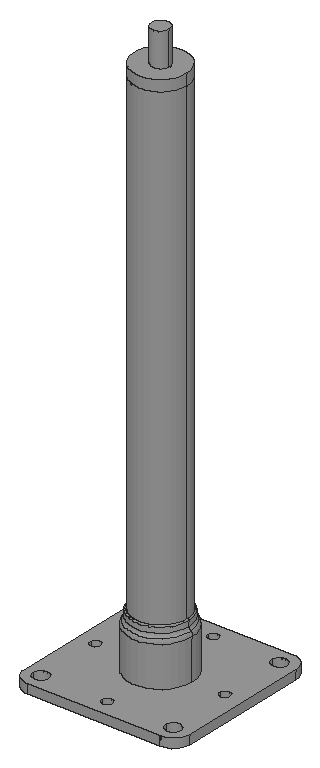
Revit family "ROTHOB_Rothoblaas_FallProtection_TowerA2", category Specialty Equipment, host Face, Revit 2022
Family settings
  Host = Face
  Round Connector Dimension = Use Diameter
  Part Type = Normal
  OmniClass Number = 23.27.71.21
  Cut with Voids When Loaded = No
  Maintain Annotation Orientation = No
  Shared = No
  Room Calculation Point = No
Parameters (values of type "150x500x150mm")
  WarrantyGuarantorParts = "n/a"
  WarrantyGuarantorLabor = "n/a"
  WarrantyDurationUnit = "n/a"
  WarrantyDurationParts = "n/a"
  WarrantyDurationLabor = "n/a"
  WarrantyDescription = "n/a"
  Version = "003"  # constant formula
  UniClass2015Version = "Products v1.38"  # constant formula
  UniClass2015Title = "Safety access anchor devices"  # constant formula
  UniClass2015Code = "Pr_40_70_75_75"  # constant formula
  Tipo IFC predefinito = "USERDEFINED"
  Thickness = 8.15 mm  # constant formula
  SustainabilityPerformance = "n/a"  # constant formula
  Size = "150x500x150 mm"
  Shape = "Three-dimensional"  # constant formula
  Revision = "001"  # constant formula
  ReplacementCost = "n/a"
  ReferenceStandard = "with PATROL: EN 795:2012 C | CEN/TS 16415:2013 | UNI 11578:2015 C | AS/NZS 1891.2:2001 | AS/NZS 1891.4:2009 | CSA Z259.16 // with H-RAIL: EN 795:2012 D | CEN/TS 16415:2013 | UNI 11578:2015 D | AS/NZS 1891.2:2001 | AS/NZS 1891.4:2009 | BS 8610:2017 D1-D2-D3-D5 // with AOS01: EN 795:2012 A | CEN/TS 16415:2013 | UNI 11578:2015 A | AS/NZS 5532:2013 | AS/NZS 1891.4:2009"  # constant formula
  GTIN = "8054247475345"
  Default Elevation = 1219.20 mm
  ProductInformation = "https://www.rothoblaas.com/products/fall-protection-system/anchor-lines/components/tower-a2"
  OmniClassVersion = "2012-05-16"  # constant formula
  OmniClassTitle = "Fall Arrest Systems"  # constant formula
  OmniClassCode = "23-27 71 21"  # constant formula
  ObjectMaterial = ROTHOB_Rothoblaas_StainlessSteelAISI304
  NominalWidth = Width_B  # 150.00 mm
  NominalLength = Length_L  # 150.00 mm
  NominalHeight = Height_H  # 500.00 mm
  ModelNumberCode = 500
  Length_L = 150.00 mm  # constant formula
  Height_H = if(ModelNumberCode = 300, 300.00 mm, if(ModelNumberCode = 400, 400.00 mm, if(ModelNumberCode = 500, 500.00 mm, 0.00 mm)))  # 500.00 mm
  Name = "Support for fall protection systems"  # constant formula
  ModelReference = "n/a"  # constant formula
  ModelNumber = "TOWERA2500"
  ModelDisclaimer = "The latest version of the data sheets can be found on our website"  # constant formula
  MinWeight = "3.167 kg"
  Material = "AISI 304 stainless steel grade 1.4301"  # constant formula
  ManufacturerURL = "www.rothoblaas.com"
  ManufacturerName = "ROTHO BLAAS SRL"  # constant formula
  Manufacturer = "info@rothoblaas.com"
  Manufacturer_x = "info@rothoblaas.com"
  IfcExportType = "USERDEFINED"
  IfcExportAs = "IfcBuildingElementProxyType"
  Width_B = 150.00 mm  # constant formula
  Grade = "n/a"  # constant formula
  Finish = "n/a"  # constant formula
  Features = "Horizontal lifeline and anchor points"  # constant formula
  ExpectedLife = "n/a"  # constant formula
  Esporta tipo in formato IFC con nome = "IfcBuildingElementProxyType"
  DurationUnit = "Years"  # constant formula
  Description = "Stainless steel support for fall protection systems for timber, steel and concrete roofs"  # constant formula
  Description_x = "Stainless steel support for fall protection systems for timber, steel and concrete roofs"  # constant formula
  CylinderDiameter_d1 = 48.00 mm  # constant formula
  Constituents = "n/a"  # constant formula
  Color = "Silver"  # constant formula
  CodePerformance = "Safety system"  # constant formula
  Category = "Pr_40_70_75_75 - Safety access anchor devices"  # constant formula
  BIMObjectName = "ROTHOB_Rothoblaas_FallProtection_TowerA2"  # constant formula
  Author = "Augusto Meorali"  # constant formula
  AssetType = "Fixed"  # constant formula
  AccessibilityPerformance = "n/a"  # constant formula
Types (4, lengths in mm): name | Size | GTIN | NominalHeight | ModelNumberCode | Height_H | ModelNumber | MinWeight
  (no name) | "150x500x150 mm" | "8054247475345" | 500.00 | 500 | 500.00 | "TOWERA2500" | "3.167 kg"
  150x300x150mm | "150x300x150 mm" | "8054247475321" | 300.00 | 300 | 300.00 | "TOWERA2300" | "2.64 kg"
  150x400x150mm | "150x400x150 mm" | "8054247475338" | 400.00 | 400 | 400.00 | "TOWERA2400" | "3.5 kg"
  150x500x150mm | "150x500x150 mm" | "8054247475345" | 500.00 | 500 | 500.00 | "TOWERA2500" | "3.167 kg"
Reference planes
  plane 1 "Centro (Fronte/Retro)": y = 0
  plane 2: z = 0
  plane 3 "Centro (Sinistra/Destra)": x = 0
  plane 4: x = -75
  plane 5: x = 75
  plane 6: y = 75
  plane 7: y = -75
  plane 8: z = 8.15
  plane 9: z = 500
  plane 10: z = 490
  plane 11: z = 530
  plane 12: z = 477
Forms (mm)
  Extrusion 1, solid, material "ROTHOB_Rothoblaas_StainlessSteelAISI304" <- "ObjectMaterial", detail levels fine
    sketch origin (0, 0, 0) x (1, 0, 0) y (0, 1, 0)
      loop
        arc (-60, 75) -> (-70.607, 70.607) -> (-75, 60) r 15
        line (-75, 60) -> (-75, -60)
        arc (-75, -60) -> (-70.607, -70.607) -> (-60, -75) r 15
        line (-60, -75) -> (60, -75)
        arc (60, -75) -> (70.607, -70.607) -> (75, -60) r 15
        line (75, -60) -> (75, 60)
        arc (75, 60) -> (70.607, 70.607) -> (60, 75) r 15
        line (60, 75) -> (-60, 75)
      loop
        circle (-58.607, 0) r 4.75
      loop
        circle (58.607, 0) r 4.75
      loop
        circle (0, 60) r 4.75
      loop
        circle (0, -60) r 4.75
      loop
        circle (-60, 60) r 7
      loop
        circle (60, 60) r 7
      loop
        circle (-60, -60) r 7
      loop
        circle (60, -60) r 7
      loop
        circle (0, 0) r 24
    from 0 to 8.15
  Extrusion 2, solid, material "ROTHOB_Rothoblaas_StainlessSteelAISI304" <- "ObjectMaterial", detail levels fine
    sketch origin (0, 0, 0) x (1, 0, 0) y (0, 1, 0)
      loop
        circle (0, 0) r 24
      loop
        circle (0, 0) r 23.5
    from 8.15 to 490
  Extrusion 3, solid, material "ROTHOB_Rothoblaas_StainlessSteelAISI304" <- "ObjectMaterial", detail levels fine
    sketch origin (0, 0, 340) x (1, 0, 0) y (0, 1, 0)
      loop
        circle (0, 0) r 24
      loop
        circle (0, 0) r 8
    from 150 to 160
  Extrusion 4, solid, material "ROTHOB_Rothoblaas_StainlessSteelAISI304" <- "ObjectMaterial", detail levels fine
    sketch origin (0, 0, 0) x (1, 0, 0) y (0, 1, 0)
      loop
        circle (0, 0) r 8
    from 490 to 530
  Sweep 5, solid, material "ROTHOB_Rothoblaas_StainlessSteelAISI304" <- "ObjectMaterial", detail levels fine
    path origin (0, 0, 0) x (1, 0, 0) y (0, 1, 0)
      loop
        circle (0, 0) r 24
    profile origin (0, 24, 0) x (0, -1, 0) y (0, 0, 1)
      loop
        line (0, 8.15) -> (0, 57.936) -> (-0.817, 57.936)
        arc (-0.817, 57.936) -> (-1.479, 57.505) -> (-1.731, 56.756) r 1.204
        line (-1.731, 56.756) -> (-2.054, 52.138)
        arc (-2.054, 52.138) -> (-2.498, 50.276) -> (-3.509, 48.651) r 5.965
        arc (-3.509, 48.651) -> (-4.428, 46.668) -> (-4.744, 44.505) r 7.58
        line (-4.744, 44.505) -> (-4.744, 8.15) -> (0, 8.15)
  Extrusion 6, solid, material "ROTHOB_Rothoblaas_StainlessSteelAISI304" <- "ObjectMaterial", detail levels fine
    sketch origin (0, 0, 0) x (1, 0, 0) y (0, 1, 0)
      loop
        line (-6.928, 12) -> (-13.856, 0) -> (-6.928, -12) -> (6.928, -12) -> (13.856, 0) -> (6.928, 12) -> (-6.928, 12)
    from 477 to 490
Lines and regions (mm)
  model lines, detail levels coarse+medium
    curve 1: line (60, -75, 0) -> (-60, -75, 0)
    curve 2: arc (-60, -75, 0) -> (-70.607, -70.607, 0) -> (-75, -60, 0) r 15
    curve 3: line (-75, -60, 0) -> (-75, 60, 0)
    curve 4: arc (-75, 60, 0) -> (-70.607, 70.607, 0) -> (-60, 75, 0) r 15
    curve 5: line (-60, 75, 0) -> (60, 75, 0)
    curve 6: arc (60, 75, 0) -> (70.607, 70.607, 0) -> (75, 60, 0) r 15
    curve 7: line (75, 60, 0) -> (75, -60, 0)
    curve 8: arc (75, -60, 0) -> (70.607, -70.607, 0) -> (60, -75, 0) r 15
    curve 9: arc (53, -60, 0) -> (60, -67, 0) -> (67, -60, 0) r 7
    curve 10: arc (67, -60, 0) -> (60, -53, 0) -> (53, -60, 0) r 7
    curve 11: arc (-4.75, -60, 0) -> (0, -64.75, 0) -> (4.75, -60, 0) r 4.75
    curve 12: arc (4.75, -60, 0) -> (0, -55.25, 0) -> (-4.75, -60, 0) r 4.75
    curve 13: arc (-67, -60, 0) -> (-60, -67, 0) -> (-53, -60, 0) r 7
    curve 14: arc (-53, -60, 0) -> (-60, -53, 0) -> (-67, -60, 0) r 7
    curve 15: arc (-63.357, 0, 0) -> (-58.607, -4.75, 0) -> (-53.857, 0, 0) r 4.75
    curve 16: arc (-53.857, 0, 0) -> (-58.607, 4.75, 0) -> (-63.357, 0, 0) r 4.75
    curve 17: arc (53.857, 0, 0) -> (58.607, -4.75, 0) -> (63.357, 0, 0) r 4.75
    curve 18: arc (63.357, 0, 0) -> (58.607, 4.75, 0) -> (53.857, 0, 0) r 4.75
    curve 19: arc (53, 60, 0) -> (60, 53, 0) -> (67, 60, 0) r 7
    curve 20: arc (67, 60, 0) -> (60, 67, 0) -> (53, 60, 0) r 7
    curve 21: arc (-4.75, 60, 0) -> (0, 55.25, 0) -> (4.75, 60, 0) r 4.75
    curve 22: arc (4.75, 60, 0) -> (0, 64.75, 0) -> (-4.75, 60, 0) r 4.75
    curve 23: arc (-67, 60, 0) -> (-60, 53, 0) -> (-53, 60, 0) r 7
    curve 24: arc (-53, 60, 0) -> (-60, 67, 0) -> (-67, 60, 0) r 7
    curve 52: arc (8, 0, 530) -> (0, 8, 530) -> (-8, 0, 530) r 8
    curve 53: arc (-8, 0, 530) -> (0, -8, 530) -> (8, 0, 530) r 8
    curve 54: arc (24, 0, 500) -> (0, 24, 500) -> (-24, 0, 500) r 24
    curve 55: arc (-24, 0, 500) -> (0, -24, 500) -> (24, 0, 500) r 24
    curve 56: arc (8, 0, 500) -> (0, -8, 500) -> (-8, 0, 500) r 8
    curve 57: arc (-8, 0, 500) -> (0, 8, 500) -> (8, 0, 500) r 8
  model lines, detail levels medium
    curve 25: line (75, -60, 8.15) -> (75, 60, 8.15)
    curve 26: arc (75, 60, 8.15) -> (70.607, 70.607, 8.15) -> (60, 75, 8.15) r 15
    curve 27: line (60, 75, 8.15) -> (-60, 75, 8.15)
    curve 28: arc (-60, 75, 8.15) -> (-70.607, 70.607, 8.15) -> (-75, 60, 8.15) r 15
    curve 29: line (-75, 60, 8.15) -> (-75, -60, 8.15)
    curve 30: arc (-75, -60, 8.15) -> (-70.607, -70.607, 8.15) -> (-60, -75, 8.15) r 15
    curve 31: line (-60, -75, 8.15) -> (60, -75, 8.15)
    curve 32: arc (60, -75, 8.15) -> (70.607, -70.607, 8.15) -> (75, -60, 8.15) r 15
    curve 33: arc (53, -60, 8.15) -> (60, -53, 8.15) -> (67, -60, 8.15) r 7
    curve 34: arc (67, -60, 8.15) -> (60, -67, 8.15) -> (53, -60, 8.15) r 7
    curve 35: arc (63.357, 0, 8.15) -> (58.607, -4.75, 8.15) -> (53.857, 0, 8.15) r 4.75
    curve 36: arc (53.857, 0, 8.15) -> (58.607, 4.75, 8.15) -> (63.357, 0, 8.15) r 4.75
    curve 37: arc (67, 60, 8.15) -> (60, 53, 8.15) -> (53, 60, 8.15) r 7
    curve 38: arc (53, 60, 8.15) -> (60, 67, 8.15) -> (67, 60, 8.15) r 7
    curve 39: arc (4.75, 60, 8.15) -> (0, 55.25, 8.15) -> (-4.75, 60, 8.15) r 4.75
    curve 40: arc (-4.75, 60, 8.15) -> (0, 64.75, 8.15) -> (4.75, 60, 8.15) r 4.75
    curve 41: arc (-4.75, -60, 8.15) -> (0, -55.25, 8.15) -> (4.75, -60, 8.15) r 4.75
    curve 42: arc (4.75, -60, 8.15) -> (0, -64.75, 8.15) -> (-4.75, -60, 8.15) r 4.75
    curve 43: arc (-67, -60, 8.15) -> (-60, -53, 8.15) -> (-53, -60, 8.15) r 7
    curve 44: arc (-53, -60, 8.15) -> (-60, -67, 8.15) -> (-67, -60, 8.15) r 7
    curve 45: arc (-53.857, 0, 8.15) -> (-58.607, -4.75, 8.15) -> (-63.357, 0, 8.15) r 4.75
    curve 46: arc (-63.357, 0, 8.15) -> (-58.607, 4.75, 8.15) -> (-53.857, 0, 8.15) r 4.75
    curve 47: arc (-67, 60, 8.15) -> (-60, 67, 8.15) -> (-53, 60, 8.15) r 7
    curve 48: arc (-53, 60, 8.15) -> (-60, 53, 8.15) -> (-67, 60, 8.15) r 7
    curve 49: arc (28.744, 0, 8.15) -> (0, -28.744, 8.15) -> (-28.744, 0, 8.15) r 28.744
    curve 50: arc (-28.744, 0, 8.15) -> (0, 28.744, 8.15) -> (28.744, 0, 8.15) r 28.744
    curve 58: arc (24, 0, 490) -> (0, -24, 490) -> (-24, 0, 490) r 24
    curve 59: arc (-24, 0, 490) -> (0, 24, 490) -> (24, 0, 490) r 24
    curve 60: line (13.856, 0, 490) -> (6.928, 12, 490)
    curve 61: line (6.928, 12, 490) -> (-6.928, 12, 490)
    curve 62: line (-6.928, 12, 490) -> (-13.856, 0, 490)
    curve 63: line (-13.856, 0, 490) -> (-6.928, -12, 490)
    curve 64: line (-6.928, -12, 490) -> (6.928, -12, 490)
    curve 65: line (6.928, -12, 490) -> (13.856, 0, 490)
    curve 66: line (6.928, -12, 477) -> (-6.928, -12, 477)
    curve 67: line (-6.928, -12, 477) -> (-13.856, 0, 477)
    curve 68: line (-13.856, 0, 477) -> (-6.928, 12, 477)
    curve 69: line (-6.928, 12, 477) -> (6.928, 12, 477)
    curve 70: line (6.928, 12, 477) -> (13.856, 0, 477)
    curve 71: line (13.856, 0, 477) -> (6.928, -12, 477)
    curve 72: line (-6.928, -12, 477) -> (-6.928, -12, 490)
    curve 73: line (6.928, -12, 477) -> (6.928, -12, 490)
    curve 74: line (13.856, 0, 477) -> (13.856, 0, 490)
    curve 75: line (6.928, 12, 477) -> (6.928, 12, 490)
    curve 76: line (-13.856, 0, 490) -> (-13.856, 0, 477)
    curve 77: line (-6.928, 12, 477) -> (-6.928, 12, 490)
    curve 78: arc (-8, 0, 490) -> (0, 8, 490) -> (8, 0, 490) r 8
    curve 79: arc (8, 0, 490) -> (0, -8, 490) -> (-8, 0, 490) r 8
  model lines
    curve 51: line (0, 0, 530) -> (0, 0, 0)
Dimensions and locks
  equal spacing: host sketch curve, plane 3 "Centro (Sinistra/Destra)", host sketch curve
  host sketch curve to host sketch curve = 180.00 mm
  equal spacing: host sketch curve, plane 1 "Centro (Fronte/Retro)", host sketch curve
  host sketch curve to host sketch curve = 190.00 mm
  equal spacing: plane 4, plane 3 "Centro (Sinistra/Destra)", plane 5
  "Width_B": plane 4 to plane 5
  equal spacing: plane 6, plane 1 "Centro (Fronte/Retro)", plane 7
  "Length_L": plane 6 to plane 7
  "Height_H": plane 9 to plane 2
  locked: plane 9 to plane 10 at 10
  locked: plane 11 to plane 9 at 30
  Extrusion 1 sketch curve to plane 1 "Centro (Fronte/Retro)" to Extrusion 1 sketch curve = 60.00 mm locked, 60.00 mm locked  (x3)
  Extrusion 1 sketch curve to plane 3 "Centro (Sinistra/Destra)" to Extrusion 1 sketch curve = 60.00 mm locked, 60.00 mm locked  (x2)
  locked: plane 8 to plane 2 at 8.15
  locked: plane 10 to plane 12 at 13
  "CylinderDiameter_d1": diameter of Extrusion 2 sketch curve
  radius of Extrusion 1 sketch curve = 15.00 mm  (x4)
  "CylinderDiameter_d1": diameter of Extrusion 3 sketch curve
  diameter of Extrusion 4 sketch curve = 16.00 mm
  diameter of Extrusion 1 sketch curve = 9.50 mm  (x4)
  diameter of Extrusion 1 sketch curve = 14.00 mm  (x4)
  "CylinderDiameter_d1": diameter of Extrusion 1 sketch curve
  "CylinderDiameter_d1": diameter of Sweep 5 sketch curve
  diameter of Extrusion 3 sketch curve = 16.00 mm
  aligned and locked: plane 2 to host face
  aligned and locked: level to host face
  aligned and locked: Extrusion 1 sketch curve to plane 5
  aligned and locked: Extrusion 1 sketch curve to plane 4
  aligned and locked: Extrusion 1 sketch curve to plane 7
  aligned and locked: Extrusion 1 sketch curve to plane 6
  aligned and locked: plane 8 to Extrusion 1
  aligned and locked: plane 10 to Extrusion 2
  aligned and locked: Extrusion 3 to plane 10
  aligned and locked: plane 9 to Extrusion 3
  aligned and locked: plane 11 to Extrusion 4
  aligned and locked: Sweep 5 sketch curve to plane 8
  aligned and locked: Extrusion 2 to plane 8
  aligned and locked: Extrusion 4 to plane 10
  aligned and locked: plane 10 to Extrusion 6
  aligned and locked: Extrusion 6 to plane 12
  aligned and locked: plane 11 to curve 51
  aligned and locked: plane 2 to curve 51
  aligned and locked: curve 51 to plane 3 "Centro (Sinistra/Destra)"
  aligned and locked: Extrusion 6 to curve 77
  aligned and locked: Extrusion 6 to curve 75
  aligned and locked: Extrusion 6 to curve 74
  aligned and locked: Extrusion 6 to curve 73
  aligned and locked: Extrusion 6 to curve 72
  aligned and locked: Extrusion 6 to curve 76
Automatic sketch dimensions
  plane 1 "Centro (Fronte/Retro)" to Extrusion 2 sketch curve = 0.00 mm
  Extrusion 2 sketch curve to plane 3 "Centro (Sinistra/Destra)" = 0.00 mm
  plane 1 "Centro (Fronte/Retro)" to Extrusion 4 sketch curve = 0.00 mm
  Extrusion 4 sketch curve to plane 3 "Centro (Sinistra/Destra)" = 0.00 mm
  Extrusion 2 sketch curve to Extrusion 2 sketch curve = 0.00 mm  (x2)
  plane 1 "Centro (Fronte/Retro)" to Extrusion 1 sketch curve = 0.00 mm  (x3)
  Extrusion 1 sketch curve to plane 3 "Centro (Sinistra/Destra)" = 0.00 mm  (x3)
  plane 4 to Extrusion 1 sketch curve = 16.393 mm
  plane 5 to Extrusion 1 sketch curve = 16.393 mm
  plane 1 "Centro (Fronte/Retro)" to Sweep 5 sketch curve = 0.00 mm
  Sweep 5 sketch curve to plane 3 "Centro (Sinistra/Destra)" = 0.00 mm
  Sweep 5 sketch curve to profile plane = 0.00 mm
  profile plane to Sweep 5 sketch curve = 0.527 mm
  Sweep 5 sketch curve to Sweep 5 sketch curve = 1.204 mm
  profile plane to Sweep 5 sketch curve = 2.054 mm
  profile plane to Sweep 5 sketch curve = 4.744 mm
  Sweep 5 sketch curve to Sweep 5 sketch curve = 5.949 mm
  Sweep 5 sketch curve to profile plane = 2.837 mm
  Sweep 5 sketch curve to Sweep 5 sketch curve = 36.355 mm
  Sweep 5 sketch curve to Sweep 5 sketch curve = 7.633 mm
  Sweep 5 sketch curve to Sweep 5 sketch curve = 0.435 mm
  Sweep 5 sketch curve to Sweep 5 sketch curve = 4.618 mm
  Sweep 5 sketch curve to Sweep 5 sketch curve = 0.012 mm
  Sweep 5 sketch curve to Sweep 5 sketch curve = 0.817 mm
  Extrusion 3 sketch curve to Extrusion 3 sketch curve = 0.00 mm  (x2)
  plane 1 "Centro (Fronte/Retro)" to Extrusion 3 sketch curve = 0.00 mm
  Extrusion 3 sketch curve to plane 3 "Centro (Sinistra/Destra)" = 0.00 mm
  curve 3 to plane 4 = 0.00 mm
  curve 5 to plane 6 = 0.00 mm
  curve 1 to plane 7 = 0.00 mm
  curve 6 to plane 5 = 0.00 mm
  plane 4 to curve 5 = 15.00 mm
  plane 4 to curve 1 = 15.00 mm
  plane 5 to curve 1 = 15.00 mm
  plane 5 to curve 5 = 15.00 mm
  curve 8 to curve 9 = 0.00 mm  (x2)
  curve 10 to curve 8 = 7.00 mm
  curve 12 to plane 3 "Centro (Sinistra/Destra)" = 0.00 mm
  curve 12 to plane 7 = 15.00 mm
  curve 12 to curve 11 = 4.75 mm
  curve 2 to curve 13 = 0.00 mm  (x2)
  curve 14 to curve 13 = 7.00 mm
  plane 1 "Centro (Fronte/Retro)" to curve 15 = 0.00 mm
  plane 4 to curve 15 = 16.393 mm
  curve 15 to curve 15 = 4.75 mm
  plane 1 "Centro (Fronte/Retro)" to curve 17 = 0.00 mm
  plane 5 to curve 17 = 16.393 mm
  curve 17 to curve 17 = 4.75 mm
  curve 6 to curve 19 = 0.00 mm  (x2)
  curve 20 to curve 6 = 7.00 mm
  curve 21 to plane 3 "Centro (Sinistra/Destra)" = 0.00 mm
  curve 22 to plane 6 = 15.00 mm
  curve 21 to curve 21 = 4.75 mm
  curve 4 to curve 23 = 0.00 mm  (x2)
  curve 23 to curve 23 = 7.00 mm
  curve 27 to Extrusion 1 = 15.00 mm
  curve 32 to curve 25 = 15.00 mm
  curve 63 to Extrusion 6 = 0.00 mm  (x3)
  curve 61 to Extrusion 6 = 0.00 mm  (x2)
  Extrusion 6 to curve 63 = 0.00 mm
  curve 65 to Extrusion 6 = 0.00 mm
  curve 60 to Extrusion 6 = 0.00 mm  (x2)
  Extrusion 6 to curve 60 = 0.00 mm
  curve 67 to Extrusion 6 = 0.00 mm  (x4)
  Extrusion 6 to curve 68 = 0.00 mm
  curve 68 to Extrusion 6 = 0.00 mm
  curve 66 to Extrusion 6 = 0.00 mm
  curve 69 to Extrusion 6 = 0.00 mm
  Extrusion 6 to curve 71 = 0.00 mm
  curve 71 to Extrusion 6 = 0.00 mm
  curve 78 to curve 79 = 0.00 mm  (x2)
  curve 61 to curve 79 = 6.928 mm
  curve 79 to Extrusion 6 = 12.00 mm
  curve 62 to curve 78 = 5.856 mm
  curve 77 to Extrusion 6 = 0.00 mm
  curve 76 to Extrusion 6 = 0.00 mm  (x2)
  Extrusion 6 to curve 77 = 0.00 mm
  curve 74 to Extrusion 6 = 0.00 mm
  curve 75 to Extrusion 6 = 0.00 mm  (x2)
  Extrusion 6 to curve 74 = 0.00 mm
  curve 72 to Extrusion 6 = 0.00 mm  (x2)
  curve 73 to Extrusion 6 = 0.00 mm  (x2)
  radius of Extrusion 2 sketch curve = 23.50 mm
  radius of curve 26 to Extrusion 1 = 0.00 mm
  radius of curve 30 to Extrusion 1 = 0.00 mm
  radius of curve 33 to Extrusion 1 = 0.00 mm
  radius of curve 35 to Extrusion 1 = 0.00 mm
  radius of curve 37 to Extrusion 1 = 0.00 mm
  radius of curve 39 to Extrusion 1 = 0.00 mm
  radius of curve 41 to Extrusion 1 = 0.00 mm
  radius of curve 43 to Extrusion 1 = 0.00 mm
  radius of curve 45 to Extrusion 1 = 0.00 mm
  radius of curve 47 to Extrusion 1 = 0.00 mm
  radius of Extrusion 1 to curve 49 = 4.744 mm
  radius of curve 52 to Extrusion 4 = 0.00 mm
  radius of curve 54 to Extrusion 3 = 0.00 mm
  radius of curve 56 to Extrusion 3 = 0.00 mm
  radius of curve 58 to Extrusion 3 = 0.00 mm
